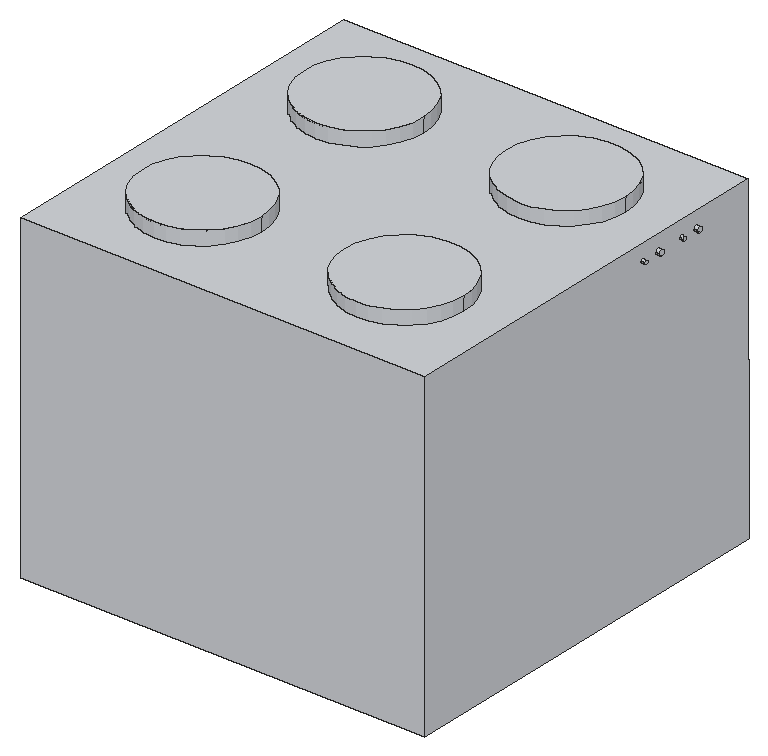
Revit family "89c257bfeaf642eba1731a275d34ea7b", category Mechanical Equipment, Revit 2021
Family settings
  Round Connector Dimension = Use Radius
  Part Type = Normal
  OmniClass Number = 23.75.10.24.21.11.11
  OmniClass Title = Packaged Refrigerant Condensing Coils and Fan Units
  Seek Item ID = Condenser for VPAC - Air Cooled - 20-60 Tons-0000-USA-ENU
  Work Plane-Based = No
  Always vertical = Yes
  Cut with Voids When Loaded = No
  Shared = No
  Room Calculation Point = No
Parameters (values of type "20 Tons")
  Voltage = 460 V
  Visibility 3 = no
  Visibility 2 = no
  Visibility 1 = yes
  Unit Width = 7' - 4"
  Unit Material = none
  Unit Length = 7' - 4"
  Unit Height = 5' - 10 1/8"
  Outlet Radius = 9/16"
  Outlet Diameter = Outlet Radius * 2  # 1 1/8"
  Number of Poles = 3
  Maximum Operating Charge = 100' - 0"
  Load Classification = Cooling
  Length 1 = Unit Length / 3  # 2' - 5.33333"
  Inlet Radius = 5/16"
  Inlet Diameter = Inlet Radius * 2  # 5/8"
  Default Elevation = 0' - 0"
  C4 Offset1 = 2' - 5"
  C3 Offset1 = 1' - 6 1/2"
  C2 Offset1 = 2' - 0 3/4"
  C1 Offset2 = 5' - 6 7/8"
  C1 Offset1 = 1' - 2 3/8"
  Apparent Load = 21900 VA
Types (7): name | Visibility 3 | Visibility 2 | Visibility 1 | Unit Length | Outlet Radius | Outlet Diameter | Length 1 | Inlet Radius | Inlet Diameter | Apparent Load
  (no name) | no | no | yes | 7' - 4" | 9/16" | 1 1/8" | 2' - 5.33333" | 5/16" | 5/8" | 21900 VA
  20 Tons | no | no | yes | 7' - 4" | 9/16" | 1 1/8" | 2' - 5.33333" | 5/16" | 5/8" | 21900 VA
  30 Tons | no | yes | no | 10' - 10 3/4" | 9/16" | 1 1/8" | 3' - 7.58333" | 5/16" | 5/8" | 33300 VA
  50 Tons | yes | no | no | 14' - 8" | 13/16" | 1 5/8" | 4' - 10.66667" | 7/16" | 7/8" | 57000 VA
  25 Tons | no | no | yes | 7' - 4" | 9/16" | 1 1/8" | 2' - 5.33333" | 5/16" | 5/8" | 28300 VA
  40 Tons | no | yes | no | 10' - 10 3/4" | 9/16" | 1 1/8" | 3' - 7.58333" | 5/16" | 5/8" | 44300 VA
  60 Tons | yes | no | no | 14' - 8" | 13/16" | 1 5/8" | 4' - 10.66667" | 7/16" | 7/8" | 67000 VA
Reference planes (in)
  plane 1 "Center (Front/Back)": y = 0
  plane 2: z = 0
  plane 3 "Center (Left/Right)": x = 0
  plane 4: x = 88
  plane 5: z = 70.125
  plane 6: z = 73.125
  plane 7: x = 44
  plane 8: y = 88
  plane 9: y = 44
  plane 10: y = 66
  plane 11: y = 22
  plane 12: x = 89
  plane 13: x = 33
  plane 14: x = 22
  plane 15: x = 11
  plane 16: x = 55
  plane 17: x = 66
  plane 18: x = 77
  plane 19: x = 29.33333
  plane 20: x = 58.66667
  plane 21: x = 14.66667
  plane 22: x = 44
  plane 23: x = 73.33333
  plane 24: z = 6.375
  plane 25: y = 15.25
  plane 26: z = 66.875
  plane 27: y = 73.625
  plane 28: y = 69.5
  plane 29: y = 63.25
  plane 30: y = 59
  plane 31: x = 87
Forms (in)
  Extrusion 1, solid, material <- "Unit Material"
    sketch origin (0, 0, 0) x (1, 0, 0) y (0, 0, 1)
      loop
        line (0, 70.125) -> (0, 0) -> (88, 0) -> (88, 70.125) -> (0, 70.125)
    from -88 to 0
  Extrusion 2, solid, material <- "Unit Material", visible <- "Visibility 3"
    sketch origin (0, 0, 0) x (1, 0, 0) y (0, 1, 0)
      loop
        circle (11, 66) r 13
    from 70.125 to 73.125
  Extrusion 3, solid, material <- "Unit Material", visible <- "Visibility 3"
    sketch origin (0, 88, 0) x (1, 0, 0) y (0, 1, 0)
      loop
        circle (11, -66) r 13
    from 70.125 to 73.125
  Extrusion 4, solid, material <- "Unit Material", visible <- "Visibility 3"
    sketch origin (88, 0, 0) x (-1, 0, 0) y (0, -1, 0)
      loop
        circle (55, -66) r 13
    from 70.125 to 73.125
  Extrusion 5, solid, material <- "Unit Material", visible <- "Visibility 3"
    sketch origin (88, 88, 0) x (-1, 0, 0) y (0, -1, 0)
      loop
        circle (55, 66) r 13
    from 70.125 to 73.125
  Extrusion 6, solid, material <- "Unit Material", visible <- "Visibility 3"
    sketch origin (176, 0, 0) x (-1, 0, 0) y (0, -1, 0)
      loop
        circle (99, -66) r 13
    from 70.125 to 73.125
  Extrusion 7, solid, material <- "Unit Material", visible <- "Visibility 3"
    sketch origin (176, 88, 0) x (-1, 0, 0) y (0, -1, 0)
      loop
        circle (99, 66) r 13
    from 70.125 to 73.125
  Extrusion 8, solid, material <- "Unit Material", visible <- "Visibility 3"
    sketch origin (88, 0, 0) x (1, 0, 0) y (0, 1, 0)
      loop
        circle (-33, 66) r 13
    from 70.125 to 73.125
  Extrusion 9, solid, material <- "Unit Material", visible <- "Visibility 3"
    sketch origin (88, 88, 0) x (1, 0, 0) y (0, 1, 0)
      loop
        circle (-33, -66) r 13
    from 70.125 to 73.125
  Extrusion 10, solid, material <- "Unit Material", visible <- "Visibility 2"
    sketch origin (0, 0, 0) x (1, 0, 0) y (0, 1, 0)
      loop
        circle (14.66667, 22) r 13
    from 70.125 to 73.125
  Extrusion 11, solid, material <- "Unit Material", visible <- "Visibility 2"
    sketch origin (0, 88, 0) x (1, 0, 0) y (0, 1, 0)
      loop
        circle (14.66667, -22) r 13
    from 70.125 to 73.125
  Extrusion 12, solid, material <- "Unit Material", visible <- "Visibility 2"
    sketch origin (43.58333, 0, 0) x (1, 0, 0) y (0, 1, 0)
      loop
        circle (0.41667, 22) r 13
    from 70.125 to 73.125
  Extrusion 13, solid, material <- "Unit Material", visible <- "Visibility 2"
    sketch origin (43.58333, 88, 0) x (1, 0, 0) y (0, 1, 0)
      loop
        circle (0.41667, -22) r 13
    from 70.125 to 73.125
  Extrusion 14, solid, material <- "Unit Material", visible <- "Visibility 2"
    sketch origin (87.16667, 0, 0) x (1, 0, 0) y (0, 1, 0)
      loop
        circle (-13.83333, 22) r 13
    from 70.125 to 73.125
  Extrusion 15, solid, material <- "Unit Material", visible <- "Visibility 2"
    sketch origin (87.16667, 88, 0) x (1, 0, 0) y (0, 1, 0)
      loop
        circle (-13.83333, -22) r 13
    from 70.125 to 73.125
  Extrusion 16, solid, material <- "Unit Material", visible <- "Visibility 1"
    sketch origin (0, 0, 0) x (1, 0, 0) y (0, 1, 0)
      loop
        circle (22, 22) r 13
    from 70.125 to 73.125
  Extrusion 17, solid, material <- "Unit Material", visible <- "Visibility 1"
    sketch origin (0, 88, 0) x (1, 0, 0) y (0, 1, 0)
      loop
        circle (22, -22) r 13
    from 70.125 to 73.125
  Extrusion 18, solid, material <- "Unit Material", visible <- "Visibility 1"
    sketch origin (88, 0, 0) x (-1, 0, 0) y (0, -1, 0)
      loop
        circle (22, -22) r 13
    from 70.125 to 73.125
  Extrusion 19, solid, material <- "Unit Material", visible <- "Visibility 1"
    sketch origin (88, 88, 0) x (-1, 0, 0) y (0, -1, 0)
      loop
        circle (22, 22) r 13
    from 70.125 to 73.125
  Extrusion 20, solid, material <- "Unit Material"
    sketch origin (0, 0, 0) x (0, 1, 0) y (0, 0, 1)
      loop
        circle (15.25, 6.375) r 0.5
    from 87 to 88
  Extrusion 21, solid, material <- "Unit Material"
    sketch origin (0, 0, 0) x (0, 1, 0) y (0, 0, 1)
      loop
        circle (73.625, 66.875) r 0.5625
    from 88 to 89
  Extrusion 22, solid, material <- "Unit Material"
    sketch origin (0, 0, 0) x (0, 1, 0) y (0, 0, 1)
      loop
        circle (69.5, 66.875) r 0.3125
    from 88 to 89
  Extrusion 23, solid, material <- "Unit Material"
    sketch origin (0, 0, 0) x (0, 1, 0) y (0, 0, 1)
      loop
        circle (63.25, 66.875) r 0.5625
    from 88 to 89
  Extrusion 24, solid, material <- "Unit Material"
    sketch origin (0, 0, 0) x (0, 1, 0) y (0, 0, 1)
      loop
        circle (59, 66.875) r 0.3125
    from 88 to 89
Cuts and joins
  joined: Extrusion 1, Extrusion 20
Lines and regions (in)
  model lines, visible <- "Visibility 2"
    curve 1: line (29.33333, 0, 70.125) -> (29.33333, 0, 0)
    curve 3: line (29.33333, 88, 70.125) -> (29.33333, 0, 70.125)
    curve 6: line (29.33333, 88, 70.125) -> (29.33333, 88, 0)
    curve 7: line (29.33333, 0, 0) -> (29.33333, 88, 0)
  model lines, visible <- "Visibility 3"
    curve 2: line (44, 0, 70.125) -> (44, 0, 0)
    curve 4: line (44, 88, 70.125) -> (44, 0, 70.125)
    curve 5: line (44, 88, 70.125) -> (44, 88, 0)
    curve 8: line (44, 88, 0) -> (44, 0, 0)
Dimensions and locks (in)
  "Unit Length": plane 4 to plane 3 "Center (Left/Right)"
  "Unit Height": plane 5 to plane 2
  locked: plane 6 to plane 5 at 3
  equal spacing: plane 4, plane 7, plane 3 "Center (Left/Right)"
  "Unit Width": plane 1 "Center (Front/Back)" to plane 8
  equal spacing: plane 1 "Center (Front/Back)", plane 9, plane 8
  equal spacing: plane 9, plane 10, plane 8
  equal spacing: plane 9, plane 11, plane 1 "Center (Front/Back)"
  equal spacing: plane 7, plane 13, plane 14, plane 15, plane 3 "Center (Left/Right)"
  equal spacing: plane 4, plane 18, plane 17, plane 16, plane 7
  locked: plane 12 to plane 4 at 1
  equal spacing: plane 4, plane 20, plane 19, plane 3 "Center (Left/Right)"
  equal spacing: plane 19, plane 21, plane 3 "Center (Left/Right)"
  equal spacing: plane 20, plane 22, plane 19
  equal spacing: plane 4, plane 23, plane 20
  locked: plane 1 "Center (Front/Back)" to plane 25 at 15.25
  locked: plane 24 to plane 2 at 6.375
  "C1 Offset2": plane 26 to plane 2
  "C1 Offset1": plane 27 to plane 8
  "C3 Offset1": plane 28 to plane 8
  "C2 Offset1": plane 29 to plane 8
  "C4 Offset1": plane 30 to plane 8
  locked: plane 31 to plane 4 at 1
  radius of Extrusion 2 sketch curve = 1' - 1"
  radius of Extrusion 3 sketch curve = 1' - 1"
  radius of Extrusion 4 sketch curve = 1' - 1"
  radius of Extrusion 5 sketch curve = 1' - 1"
  radius of Extrusion 6 sketch curve = 1' - 1"
  radius of Extrusion 7 sketch curve = 1' - 1"
  radius of Extrusion 8 sketch curve = 1' - 1"
  radius of Extrusion 9 sketch curve = 1' - 1"
  radius of Extrusion 10 sketch curve = 1' - 1"
  radius of Extrusion 11 sketch curve = 1' - 1"
  radius of Extrusion 12 sketch curve = 1' - 1"
  radius of Extrusion 13 sketch curve = 1' - 1"
  radius of Extrusion 14 sketch curve = 1' - 1"
  radius of Extrusion 15 sketch curve = 1' - 1"
  radius of Extrusion 16 sketch curve = 1' - 1"
  radius of Extrusion 17 sketch curve = 1' - 1"
  radius of Extrusion 18 sketch curve = 1' - 1"
  radius of Extrusion 19 sketch curve = 1' - 1"
  radius of Extrusion 20 sketch curve = 0' - 0 1/2"
  "Outlet Radius": radius of Extrusion 21 sketch curve
  "Inlet Radius": radius of Extrusion 22 sketch curve
  "Outlet Radius": radius of Extrusion 23 sketch curve
  "Inlet Radius": radius of Extrusion 24 sketch curve
  aligned and locked: Extrusion 1 sketch curve to plane 5
  aligned and locked: plane 3 "Center (Left/Right)" to Extrusion 1 sketch curve
  aligned and locked: Extrusion 1 sketch curve to plane 2
  aligned and locked: Extrusion 1 sketch curve to plane 4
  aligned and locked: Extrusion 1 to plane 8
  aligned and locked: plane 1 "Center (Front/Back)" to Extrusion 1
  aligned and locked: plane 10 to Extrusion 2 sketch curve
  aligned and locked: plane 11 to Extrusion 3 sketch curve
  aligned and locked: plane 15 to Extrusion 2 sketch curve
  aligned and locked: plane 15 to Extrusion 3 sketch curve
  aligned and locked: plane 6 to Extrusion 3
  aligned and locked: Extrusion 3 to plane 5
  aligned and locked: plane 6 to Extrusion 2
  aligned and locked: Extrusion 2 to plane 5
  aligned and locked: plane 10 to Extrusion 4 sketch curve
  aligned and locked: plane 13 to Extrusion 4 sketch curve
  aligned and locked: plane 11 to Extrusion 5 sketch curve
  aligned and locked: plane 13 to Extrusion 5 sketch curve
  aligned and locked: plane 10 to Extrusion 8 sketch curve
  aligned and locked: Extrusion 8 sketch curve to plane 16
  aligned and locked: plane 11 to Extrusion 9 sketch curve
  aligned and locked: plane 16 to Extrusion 9 sketch curve
  aligned and locked: Extrusion 6 sketch curve to plane 10
  aligned and locked: Extrusion 6 sketch curve to plane 18
  aligned and locked: Extrusion 7 sketch curve to plane 11
  aligned and locked: plane 18 to Extrusion 7 sketch curve
  aligned and locked: plane 5 to curve 1
  aligned and locked: plane 2 to curve 1
  aligned and locked: plane 11 to Extrusion 10 sketch curve
  aligned and locked: plane 21 to Extrusion 10 sketch curve
  aligned and locked: plane 6 to Extrusion 10
  aligned and locked: Extrusion 10 to plane 5
  aligned and locked: plane 10 to Extrusion 11 sketch curve
  aligned and locked: plane 21 to Extrusion 11 sketch curve
  aligned and locked: plane 6 to Extrusion 11
  aligned and locked: Extrusion 11 to plane 5
  aligned and locked: plane 10 to Extrusion 13 sketch curve
  aligned and locked: plane 22 to Extrusion 13 sketch curve
  aligned and locked: plane 11 to Extrusion 12 sketch curve
  aligned and locked: plane 22 to Extrusion 12 sketch curve
  aligned and locked: Extrusion 15 sketch curve to plane 10
  aligned and locked: plane 23 to Extrusion 15 sketch curve
  aligned and locked: Extrusion 14 sketch curve to plane 11
  aligned and locked: plane 23 to Extrusion 14 sketch curve
  aligned and locked: Extrusion 12 to plane 5
  aligned and locked: plane 6 to Extrusion 12
  aligned and locked: Extrusion 13 to plane 5
  aligned and locked: plane 6 to Extrusion 13
  aligned and locked: Extrusion 14 to plane 5
  aligned and locked: Extrusion 14 to plane 6
  aligned and locked: Extrusion 15 to plane 5
  aligned and locked: Extrusion 15 to plane 6
  aligned and locked: plane 11 to Extrusion 16 sketch curve
  aligned and locked: plane 14 to Extrusion 16 sketch curve
  aligned and locked: plane 6 to Extrusion 16
  aligned and locked: Extrusion 16 to plane 5
  aligned and locked: plane 10 to Extrusion 17 sketch curve
  aligned and locked: plane 14 to Extrusion 17 sketch curve
  aligned and locked: Extrusion 19 sketch curve to plane 10
  aligned and locked: Extrusion 19 sketch curve to plane 17
  aligned and locked: Extrusion 18 sketch curve to plane 11
  aligned and locked: plane 17 to Extrusion 18 sketch curve
  aligned and locked: Extrusion 17 to plane 5
  aligned and locked: plane 6 to Extrusion 17
  aligned and locked: Extrusion 18 to plane 5
  aligned and locked: Extrusion 19 to plane 6
  aligned and locked: Extrusion 19 to plane 5
  aligned and locked: Extrusion 18 to plane 6
  aligned and locked: plane 2 to curve 2
  aligned and locked: plane 5 to curve 2
  aligned and locked: curve 2 to plane 22
  aligned and locked: plane 24 to Extrusion 20 sketch curve
  aligned and locked: plane 25 to Extrusion 20 sketch curve
  aligned and locked: plane 26 to Extrusion 21 sketch curve
  aligned and locked: plane 27 to Extrusion 21 sketch curve
  aligned and locked: plane 26 to Extrusion 22 sketch curve
  aligned and locked: plane 28 to Extrusion 22 sketch curve
  aligned and locked: plane 26 to Extrusion 23 sketch curve
  aligned and locked: plane 29 to Extrusion 23 sketch curve
  aligned and locked: plane 26 to Extrusion 24 sketch curve
  aligned and locked: plane 30 to Extrusion 24 sketch curve
  aligned and locked: plane 12 to Extrusion 21
  aligned and locked: plane 12 to Extrusion 22
  aligned and locked: plane 12 to Extrusion 23
  aligned and locked: plane 12 to Extrusion 24
  aligned and locked: Extrusion 21 to plane 4
  aligned and locked: Extrusion 22 to plane 4
  aligned and locked: Extrusion 23 to plane 4
  aligned and locked: Extrusion 24 to plane 4
  aligned and locked: plane 4 to Extrusion 20
  aligned and locked: plane 31 to Extrusion 20
  aligned and locked: plane 8 to curve 3
  aligned and locked: plane 1 "Center (Front/Back)" to curve 3
  aligned and locked: curve 3 to plane 19
  aligned and locked: plane 1 "Center (Front/Back)" to curve 4
  aligned and locked: plane 8 to curve 4
  aligned and locked: curve 4 to plane 22
  aligned and locked: plane 8 to curve 7
  aligned and locked: plane 1 "Center (Front/Back)" to curve 7
  aligned and locked: plane 19 to curve 7
  aligned and locked: plane 1 "Center (Front/Back)" to curve 8
  aligned and locked: plane 8 to curve 8
  aligned and locked: curve 8 to plane 22
  aligned and locked: plane 2 to curve 6
  aligned and locked: plane 5 to curve 6
  aligned and locked: curve 1 to plane 19
  aligned and locked: plane 2 to curve 5
  aligned and locked: plane 5 to curve 5
  aligned and locked: curve 5 to plane 22
Automatic sketch dimensions
  curve 6 to curve 5 = 1' - 2.66667"
Connectors (in)
  piping at (89, 73.625, 66.875), diameter 1.125, driven by "Outlet Radius"
    settings: on Extrusion 21, index 1, connector inside diameter 1 1/8", connector length 0' - 0", flow factor 0, pipe flow 0 GPM, pressure drop 0.00 psi, fitting loss kfactor 0, connector angle 0.00°, fixture units 0, engagement length 0' - 0", angle of deflection 0.00°, flow configuration 0, flow direction 2, fitting loss method 0, system type 22, joint type 0, gender type 0, connector reference index 3, connector utility 0, adjustable connector no, is connector primary yes, connector description "Cryogen Out"
  piping at (89, 63.25, 66.875), diameter 1.125, driven by "Outlet Radius"
    settings: on Extrusion 23, index 2, connector inside diameter 1 1/8", connector length 0' - 0", flow factor 0, pipe flow 0 GPM, pressure drop 0.00 psi, fitting loss kfactor 0, connector angle 0.00°, fixture units 0, engagement length 0' - 0", angle of deflection 0.00°, flow configuration 0, flow direction 2, fitting loss method 0, system type 22, joint type 0, gender type 0, connector reference index 4, connector utility 0, adjustable connector no, is connector primary no, connector description "Cryogen Out"
  piping at (89, 69.5, 66.875), diameter 0.625, driven by "Inlet Radius"
    settings: on Extrusion 22, index 3, connector inside diameter 5/8", connector length 0' - 0", flow factor 0, pipe flow 0 GPM, pressure drop 0.00 psi, fitting loss kfactor 0, connector angle 0.00°, fixture units 0, engagement length 0' - 0", angle of deflection 0.00°, flow configuration 0, flow direction 1, fitting loss method 0, system type 22, joint type 0, gender type 0, connector reference index 1, connector utility 0, adjustable connector no, is connector primary no, connector description "Cryogen In"
  piping at (89, 59, 66.875), diameter 0.625, driven by "Inlet Radius"
    settings: on Extrusion 24, index 4, connector inside diameter 5/8", connector length 0' - 0", flow factor 0, pipe flow 0 GPM, pressure drop 0.00 psi, fitting loss kfactor 0, connector angle 0.00°, fixture units 0, engagement length 0' - 0", angle of deflection 0.00°, flow configuration 0, flow direction 1, fitting loss method 0, system type 22, joint type 0, gender type 0, connector reference index 2, connector utility 0, adjustable connector no, is connector primary no, connector description "Cryogen In"
  electrical at (88, 15.25, 6.375), driven by "Apparent Load", driven by "Voltage", driven by "Number of Poles", driven by "Load Classification"
    settings: on Extrusion 20, index 5, voltage 460 V, apparent load 21900 VA, apparent load phase1 0 VA, apparent load phase2 0 VA, apparent load phase3 0 VA, power factor 0.8, load classification "Cooling", number of poles 3, system type 30, power factor state 1, is connector primary yes, connector utility no, sub classification motor no, connector description ""
